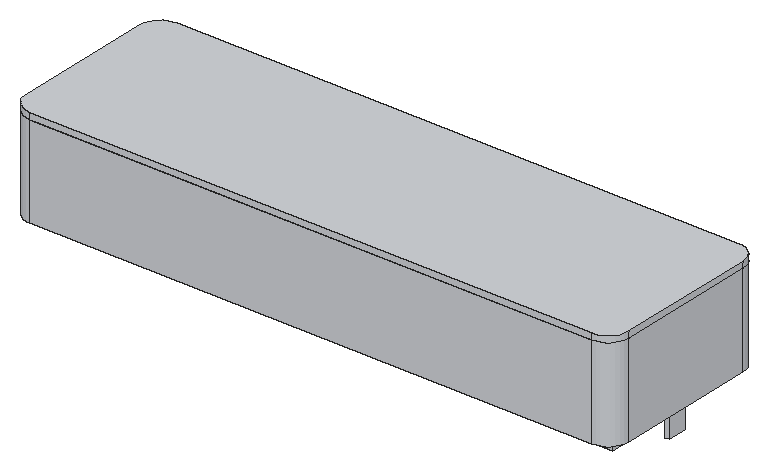
Revit family "Gira_289100", category Electrical Fixtures, host Face, Revit 2017
Family settings
  Host = Face
  Maintain Annotation Orientation = No
  Round Connector Dimension = Use Diameter
  Part Type = Normal
  Cut with Voids When Loaded = No
  Shared = No
  Room Calculation Point = No
Parameters (values of type "FM install.box 1-g Gira E22")
  URL = "http://katalog.gira.de/en/datenblatt.html?artikelnr=289100"
  Name = "FM install.box 1-g Gira E22"
  Manufacturer URL = "https://www.gira.de/"
  Manufacturer = "Gira"
  Keynote = ""
  HeinzeBIM = "https://bimportal.heinze.de/bim/fm-install-box-1-g-gira-e22/74e2fcaa4704373bd836d6646dbbd73a7b836758"
  HAN = "289100"
  GTIN = "4010337049784"
  Description = "FM inst.box 1g E22,Gira E2, Gira E22 flush-mounted installation box,,1-gang,Features:,- Installation in brickwork by mounting the installation box, e.g. securing it with plaster. Installation of the device box in the flush-mounted installation box like in a common cavity box."
  Default Elevation = 1219.2 mm
  Data sheet (1) = "https://katalog.gira.de/en/download.html?artikelnr=289100"
  Category = "Spare part for domestic switching devices"
  BIM (1) = "https://media.stage.bim.site/public/gira/36a6b08/UP-EB-Dose_4fach.rfa"
  Available = "No"
Reference planes
  plane 1 "Center (Front/Back)": y = 0
  plane 2: z = 0
  plane 3 "Center (Left/Right)": x = 0
Forms (mm)
  Extrusion 1, solid, detail levels fine
    sketch origin (0, 0, 0) x (1, 0, 0) y (0, 1, 0)
      loop
        arc (-142, 46.25) -> (-149.248, 43.248) -> (-152.25, 36) r 10.25
        line (-152.25, 36) -> (-152.25, -36)
        arc (-152.25, -36) -> (-149.248, -43.248) -> (-142, -46.25) r 10.25
        line (-142, -46.25) -> (142, -46.25)
        arc (142, -46.25) -> (149.248, -43.248) -> (152.25, -36) r 10.25
        line (152.25, -36) -> (152.25, 36)
        arc (152.25, 36) -> (149.248, 43.248) -> (142, 46.25) r 10.25
        line (142, 46.25) -> (-142, 46.25)
    from 47 to 50
  Extrusion 2, solid, detail levels fine
    sketch origin (0, 0, 0) x (1, 0, 0) y (0, 1, 0)
      loop
        arc (-142, 46.25) -> (-149.248, 43.248) -> (-152.25, 36) r 10.25
        line (-152.25, 36) -> (-152.25, -36)
        arc (-152.25, -36) -> (-149.248, -43.248) -> (-142, -46.25) r 10.25
        line (-142, -46.25) -> (142, -46.25)
        arc (142, -46.25) -> (149.248, -43.248) -> (152.25, -36) r 10.25
        line (152.25, -36) -> (152.25, 36)
        arc (152.25, 36) -> (149.248, 43.248) -> (142, 46.25) r 10.25
        line (142, 46.25) -> (-142, 46.25)
      loop
        arc (-150.75, -36) -> (-149.959, -39.636) -> (-147.727, -42.615) r 8.75
        line (-147.727, -42.615) -> (147.727, -42.615)
        arc (147.727, -42.615) -> (149.959, -39.636) -> (150.75, -36) r 8.75
        line (150.75, -36) -> (150.75, 36)
        arc (150.75, 36) -> (149.959, 39.636) -> (147.727, 42.615) r 8.75
        line (147.727, 42.615) -> (-147.727, 42.615)
        arc (-147.727, 42.615) -> (-149.959, 39.636) -> (-150.75, 36) r 8.75
        line (-150.75, 36) -> (-150.75, -36)
    from 0 to 47
  Extrusion 3, solid, detail levels fine
    sketch origin (0, 0, 0) x (1, 0, 0) y (0, 1, 0)
      loop
        line (-147, -39.766) -> (147, -39.766) -> (147, 39.75) -> (-147, 39.75) -> (-147, -39.766)
      loop
        line (144.5, -37.75) -> (144.5, 37.75) -> (-144.5, 37.75) -> (-144.5, -37.75) -> (144.5, -37.75)
    from -4.1 to 0
  Extrusion 4, solid, detail levels fine
    sketch origin (0, 0, 0) x (1, 0, 0) y (0, 1, 0)
      loop
        line (147, 39.75) -> (-147, 39.75) -> (-147, -39.766) -> (147, -39.766) -> (147, 39.75)
      loop
        arc (147.727, -42.615) -> (149.959, -39.636) -> (150.75, -36) r 8.75
        line (150.75, -36) -> (150.75, 36)
        arc (150.75, 36) -> (149.959, 39.636) -> (147.727, 42.615) r 8.75
        line (147.727, 42.615) -> (-147.727, 42.615)
        arc (-147.727, 42.615) -> (-149.959, 39.636) -> (-150.75, 36) r 8.75
        line (-150.75, 36) -> (-150.75, -36)
        arc (-150.75, -36) -> (-149.959, -39.636) -> (-147.727, -42.615) r 8.75
        line (-147.727, -42.615) -> (147.727, -42.615)
    from 0 to 2
  Extrusion 5, solid, detail levels medium+fine
    sketch origin (0, 0, 0) x (1, 0, 0) y (0, 1, 0)
      loop
        line (145.5, -4.939) -> (148, -4.939) -> (148, 4.939) -> (145.5, 4.939) -> (145.5, -4.939)
      loop
        line (-145.5, -4.939) -> (-145.5, 4.939) -> (-148, 4.939) -> (-148, -4.939) -> (-145.5, -4.939)
    from -14.039 to 0
  Extrusion 6, solid, detail levels medium
    sketch origin (0, 0, 0) x (1, 0, 0) y (0, 1, 0)
      loop
        line (-152.25, 46.25) -> (-152.25, -46.25) -> (152.25, -46.25) -> (152.25, 46.25) -> (-152.25, 46.25)
    from 0 to 50
  Extrusion 7, solid, detail levels medium
    sketch origin (0, 0, 0) x (1, 0, 0) y (0, 1, 0)
      loop
        line (-147, -39.766) -> (147, -39.766) -> (147, 39.75) -> (-147, 39.75) -> (-147, -39.766)
    from -4.1 to 0
  Extrusion 8, solid, detail levels coarse
    sketch origin (0, 0, 0) x (1, 0, 0) y (0, 1, 0)
      loop
        line (-152.25, 46.25) -> (-152.25, -46.25) -> (152.25, -46.25) -> (152.25, 46.25) -> (-152.25, 46.25)
    from -14.039 to 50
Dimensions and locks
  aligned and locked: plane 2 to host face
  aligned and locked: level to host face
